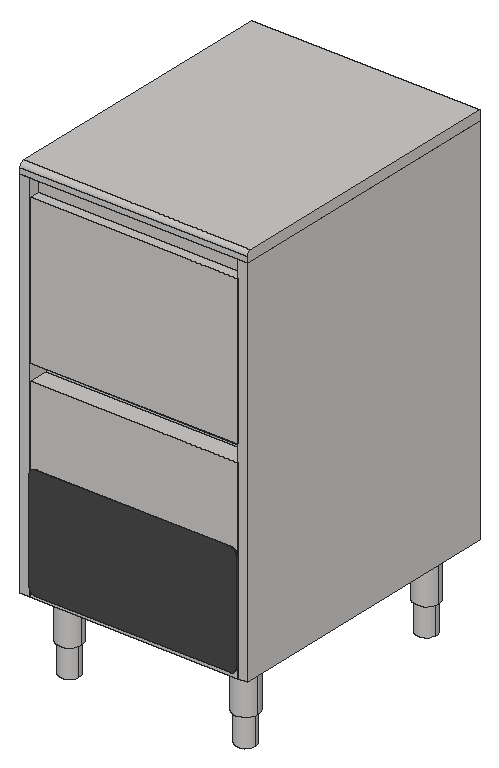
Revit family "QF_ELECTROLUXPROFESSIONAL_730326_ICC37I20SNP", category Attrezzature speciali, Revit 2018
Family settings
  Quota connettore circolare = Usa diametro
  Tipo di parte = Normale
  Basato su piano di lavoro = No
  Sempre verticale = Sì
  Taglio con vuoti quando caricato = No
  Condiviso = No
  Punto di calcolo locali = No
Parameters (values of type "Standard")
  Weight = 45.00 kg
  Watts = 0 W
  Volts = 220 V
  URL Manufacturer = "https://www.electroluxprofessional.com/"
  URL = "https://www.electroluxprofessional.com/"
  Steam Supply Size = 0 mm
  Steam Supply Minimum Pressure = 0.0 Pa
  Steam Supply Maximum Pressure = 0.0 Pa
  Steam Pounds per Hour = 0
  Show Logo [instance] = yes
  Show Clearance [instance] = yes
  Refrigeration Suction Line Size = 0 mm
  Refrigeration Liquid Line Size = 0 mm
  Refrigerant Compressor Remote = yes
  Produttore = "Electrolux Professional"
  Phase = 1
  Modello = "ICC37I20SNP"
  Length Actual = 465 mm  # constant formula
  Item Number = "730326"
  Hot Water Size = 0 mm
  Height Actual = 894 mm  # constant formula
  HP = "0 HP"
  Gas Size = 0 mm
  Gas KW = 0
  Gas Input Pressure = 0 W
  Description = "AIR COOLED ICE CUBER 40GR 37KG/24H-BIN 20KG "
  Depth Actual = 595 mm  # constant formula
  Cycle = 50 Hz
  Condensate Return Size = 0 mm
  Compressed Air Volume = 0.0 L/s
  Compressed Air Size = 0 mm
  Compressed Air Pressure = 0.0 Pa
  Cold Water Size = 19.05 mm
  Accessory = yes
Reference planes
  plane 1 "Center X": y = 272.851
  plane 2: z = 0
  plane 3 "Center Y": x = -501.5
  plane 4 "LEFT": x = -734
  plane 5 "RIGHT": x = -269
  plane 6 "FRONT": y = -24.149
  plane 7 "BACK": y = 569.851
  plane 8: z = 155
  plane 9: z = 944
  plane 10: z = 924
  plane 11: x = -714
  plane 12: x = -289
  plane 13: y = 15.851
Forms (mm)
  Extrusion 1, solid, material "QF_Finishes_Black"
    sketch origin (-217.296, -24.149, 371.513) x (-1, 0, 0) y (0, 0, -1)
      loop
        arc (481.704, -21.487) -> (492.311, -17.093) -> (496.704, -6.487) r 15
        line (496.704, -6.487) -> (496.704, 194.469)
        arc (496.704, 194.469) -> (492.311, 205.075) -> (481.704, 209.469) r 15
        line (481.704, 209.469) -> (86.704, 209.469)
        arc (86.704, 209.469) -> (76.097, 205.075) -> (71.704, 194.469) r 15
        line (71.704, 194.469) -> (71.704, -6.487)
        arc (71.704, -6.487) -> (76.097, -17.093) -> (86.704, -21.487) r 15
        line (86.704, -21.487) -> (481.704, -21.487)
    from 0 to 2
  Extrusion 2, solid, material "QF_Finishes_Stainless Steel"
    sketch origin (-501.5, 0, 0) x (0, 1, 0) y (0, 0, 1)
      loop
        line (569.851, 924) -> (569.851, 944) -> (-14.149, 944)
        arc (-14.149, 944) -> (-21.22, 941.071) -> (-24.149, 934) r 10
        line (-24.149, 934) -> (-24.149, 924) -> (569.851, 924)
    from -232.5 to 232.5
  Extrusion 3, solid, material "QF_Finishes_Stainless Steel"
    sketch origin (-321.2, 569.851, -329.545) x (1, 0, 0) y (0, 0, -1)
      loop
        circle (-16.8, -655.545) r 10
    from 0 to 10
  Extrusion 4, solid, material "QF_Finishes_Stainless Steel"
    sketch origin (0, 0, 0) x (1, 0, 0) y (0, 1, 0)
      loop
        line (-734, 569.851) -> (-734, -24.149) -> (-714, -24.149) -> (-714, 569.851) -> (-734, 569.851)
    from 155 to 924
  Extrusion 5, solid, material "QF_Finishes_Stainless Steel"
    sketch origin (0, 0, 0) x (1, 0, 0) y (0, 1, 0)
      loop
        line (-289, 569.851) -> (-289, -24.149) -> (-269, -24.149) -> (-269, 569.851) -> (-289, 569.851)
    from 155 to 924
  Extrusion 6, solid, material "QF_Finishes_Stainless Steel"
    sketch origin (0, 0, 0) x (1, 0, 0) y (0, 1, 0)
      loop
        line (-714, 569.851) -> (-714, 15.851) -> (-289, 15.851) -> (-289, 569.851) -> (-714, 569.851)
    from 155 to 924
  Extrusion 7, solid, material "QF_Finishes_Stainless Steel"
    sketch origin (0, 0, 0) x (1, 0, 0) y (0, 1, 0)
      loop
        line (-714, -24.149) -> (-289, -24.149) -> (-289, 15.851) -> (-714, 15.851) -> (-714, -24.149)
    from 155 to 550.848
  Extrusion 8, solid, material "QF_Finishes_Stainless Steel"
    sketch origin (-501.5, 0, 0) x (0, 1, 0) y (0, 0, 1)
      loop
        line (15.851, 924) -> (-4.149, 924) -> (-4.149, 888) -> (-24.149, 888) -> (-24.149, 584.768) -> (-4.149, 584.768) -> (-4.149, 569) -> (15.851, 569) -> (15.851, 924)
    from -212.5 to 212.5
  Extrusion 9, solid, material "QF_Finishes_Stainless Steel"
    sketch origin (-303.2, 569.851, -440.545) x (1, 0, 0) y (0, 0, -1)
      loop
        circle (-16.8, -655.545) r 10
    from 0 to 10
  Extrusion 10, solid, material "QF_Finishes_Stainless Steel"
    sketch origin (-363.2, 569.851, -361.545) x (1, 0, 0) y (0, 0, -1)
      loop
        circle (-16.8, -655.545) r 10
    from 0 to 10
Lines and regions (mm)
  Split face 1
    outline origin (-501.5, -4.149, 924) x (0, 0, -1) y (1, 0, 0)
      loop
        line (5.715, 89.928) -> (30.715, 89.928) -> (30.715, 129.928) -> (5.715, 129.928) -> (5.715, 89.928)
  symbolic lines
    curve 1: line (-734, 569.851, 0) -> (-269, 569.851, 0)
    curve 2: line (-734, -24.149, 0) -> (-734, 569.851, 0)
    curve 3: line (-269, -24.149, 0) -> (-734, -24.149, 0)
    curve 4: line (-269, 569.851, 0) -> (-269, -24.149, 0)
Dimensions and locks
  equal spacing: plane 4 "LEFT", plane 3 "Center Y", plane 5 "RIGHT"
  plane 4 "LEFT" to plane 5 "RIGHT" = 465 mm
  equal spacing: plane 7 "BACK", plane 1 "Center X", plane 6 "FRONT"
  plane 7 "BACK" to plane 6 "FRONT" = 594 mm
  plane 8 to plane 2 = 155 mm
  plane 9 to plane 8 = 789 mm
  locked: plane 4 "LEFT" to plane 11 at 20
  locked: plane 12 to plane 5 "RIGHT" at 20
  locked: plane 9 to plane 10 at 20
  locked: plane 13 to plane 6 "FRONT" at 40
  aligned and locked: level to plane 2
  aligned and locked: plane 5 "RIGHT" to Extrusion 2
  aligned and locked: Extrusion 2 to plane 4 "LEFT"
  aligned and locked: Extrusion 4 sketch curve to Extrusion 2  (x2)
  aligned and locked: plane 6 "FRONT" to Extrusion 4 sketch curve
  aligned and locked: Extrusion 4 sketch curve to plane 11
  aligned and locked: Extrusion 5 sketch curve to plane 7 "BACK"
  aligned and locked: plane 12 to Extrusion 5 sketch curve
  aligned and locked: Extrusion 5 sketch curve to Extrusion 2  (x2)
  aligned and locked: plane 10 to Extrusion 4
  aligned and locked: plane 10 to Extrusion 5
  aligned and locked: Extrusion 4 to plane 8
  aligned and locked: Extrusion 5 to plane 8
  aligned and locked: Extrusion 6 sketch curve to Extrusion 4
  aligned and locked: Extrusion 4 to Extrusion 6 sketch curve
  aligned and locked: plane 13 to Extrusion 6 sketch curve
  aligned and locked: Extrusion 6 sketch curve to plane 12
  aligned and locked: plane 10 to Extrusion 6
  aligned and locked: Extrusion 6 to plane 8
  aligned and locked: Extrusion 4 to Extrusion 7 sketch curve
  aligned and locked: Extrusion 7 sketch curve to Extrusion 4
  aligned and locked: plane 13 to Extrusion 7 sketch curve
  aligned and locked: plane 12 to Extrusion 7 sketch curve
  aligned and locked: Extrusion 7 to plane 8
  aligned and locked: plane 12 to Extrusion 8
  aligned and locked: Extrusion 8 to plane 11
Automatic sketch dimensions
  curve 3 to plane 4 "LEFT" = 0 mm
  curve 3 to plane 5 "RIGHT" = 0 mm
  curve 3 to plane 6 "FRONT" = 0 mm
  curve 2 to plane 7 "BACK" = 0 mm
  Extrusion 1 sketch curve to plane 12 = 0 mm
  plane 8 to Extrusion 1 sketch curve = 7.044 mm
  Extrusion 1 sketch curve to Extrusion 1 sketch curve = 15 mm  (x3)
  plane 11 to Extrusion 1 sketch curve = 15 mm  (x2)
  Extrusion 1 sketch curve to Extrusion 1 sketch curve = 200.956 mm
  Extrusion 2 sketch curve to plane 6 "FRONT" = 0 mm
  Extrusion 2 sketch curve to plane 9 = 0 mm
  Extrusion 2 sketch curve to plane 7 "BACK" = 0 mm
  Extrusion 2 sketch curve to plane 10 = 0 mm
  plane 6 "FRONT" to Extrusion 2 sketch curve = 10 mm
  Extrusion 6 to Extrusion 3 sketch curve = 171 mm
  Extrusion 3 sketch curve to Extrusion 6 = 49 mm
  Extrusion 8 sketch curve to plane 6 "FRONT" = 0 mm
  Extrusion 8 sketch curve to plane 10 = 0 mm
  Extrusion 8 sketch curve to plane 13 = 0 mm
  plane 6 "FRONT" to Extrusion 8 sketch curve = 20 mm  (x2)
  Extrusion 8 sketch curve to plane 10 = 36 mm
  Extrusion 8 sketch curve to Extrusion 8 sketch curve = 303.232 mm
  Extrusion 8 sketch curve to Extrusion 8 sketch curve = 15.768 mm
  Split face 1 sketch curve to Extrusion 8 = 5.715 mm
  Extrusion 8 to Split face 1 sketch curve = 5.285 mm
  Split face 1 sketch curve to Extrusion 8 = 122.572 mm
  Split face 1 sketch curve to Split face 1 sketch curve = 40 mm
  Extrusion 9 sketch curve to Extrusion 6 = 31 mm
  Extrusion 6 to Extrusion 9 sketch curve = 60 mm
  Extrusion 10 sketch curve to Extrusion 6 = 91 mm
  Extrusion 6 to Extrusion 10 sketch curve = 139 mm
  radius of Extrusion 3 sketch curve = 10 mm
  radius of Extrusion 9 sketch curve = 10 mm
  radius of Extrusion 10 sketch curve = 10 mm
Nested families
  nested 1: "Foot_Complete" at (-682, 36.851, 0), type "Foot_Complete"
    with H 155 mm
  nested 2: "Foot_Complete" at (-321, 36.851, 0) x (-1, 0, 0) z (0, 0, 1), type "Foot_Complete"
    with H 155 mm
  nested 3: "Foot_Complete" at (-682, 498.851, 0), type "Foot_Complete"
    with H 155 mm
  nested 4: "Foot_Complete" at (-321, 498.851, 0) x (-1, 0, 0) z (0, 0, 1), type "Foot_Complete"
    with H 155 mm
Connectors
  electrical at (-320, 579.851, 215), driven by "Volts"
    settings: on Extrusion 9, index 1, voltage 220 V, apparent load 0 VA, apparent load phase1 0 VA, apparent load phase2 0 VA, apparent load phase3 0 VA, power factor 1, load classification "Altro", number of poles 1, system type 30, power factor state 1, is connector primary yes, connector utility no, sub classification motor no, connector description "Electrical Connection"
  piping at (-338, 579.851, 326), diameter 20
    settings: on Extrusion 3, index 2, connector inside diameter 609.6 mm, connector length 0 mm, flow factor 0, pipe flow 0.0 L/s, pressure drop 0.0 Pa, fitting loss kfactor 0, connector angle 0.00°, fixture units 0, engagement length 0 mm, angle of deflection 0.00°, flow configuration 0, flow direction 0, fitting loss method 0, system type 20, joint type 0, gender type 0, connector reference index -1, connector utility 0, adjustable connector no, is connector primary yes, connector description "Cold water"
  piping at (-380, 579.851, 294), diameter 20
    settings: on Extrusion 10, index 3, connector inside diameter 609.6 mm, connector length 0 mm, flow factor 0, pipe flow 0.0 L/s, pressure drop 0.0 Pa, fitting loss kfactor 0, connector angle 0.00°, fixture units 0, engagement length 0 mm, angle of deflection 0.00°, flow configuration 0, flow direction 0, fitting loss method 0, system type 16, joint type 0, gender type 0, connector reference index -1, connector utility 0, adjustable connector no, is connector primary no, connector description "Drain"
Definition of nested family "Foot_Complete"
  Parameters (values of type "Foot_Complete")
    R = 25 mm
    H = 153 mm
  Reference planes
    plane 1 "Centro (Fronte/Retro)": y = 0
    plane 2: z = 0
    plane 3 "Centro (Sinistra/Destra)": x = 0
    plane 4: z = 153
  Forms (mm)
    Revolve 1, solid
      sketch origin (255.05, 0, 608.09) x (0, 0, 1) y (-1, 0, 0)
        loop
          line (-608.09, 255.05) -> (-608.09, 235.05) -> (-548.09, 235.05) -> (-548.09, 230.05) -> (-455.09, 230.05) -> (-455.09, 255.05) -> (-608.09, 255.05)
        axis (-608.09, 255.05) -> (-455.09, 255.05)
      angle from 0 to 360
  Dimensions and locks
    level to Revolve 1 sketch curve = 60 mm
    "R": Revolve 1 sketch curve to plane 3 "Centro (Sinistra/Destra)"
    "H": plane 4 to level
    aligned and locked: level to plane 2
    aligned and locked: plane 4 to Revolve 1 sketch curve
    aligned and locked: Revolve 1 sketch curve to level
    aligned and locked: plane 3 "Centro (Sinistra/Destra)" to Revolve 1 sketch curve
  Automatic sketch dimensions
    Revolve 1 sketch curve to plane 3 "Centro (Sinistra/Destra)" = 0 mm
    plane 3 "Centro (Sinistra/Destra)" to Revolve 1 sketch curve = 20 mm
    Revolve 1 sketch curve to Revolve 1 sketch curve = 50 mm
    Revolve 1 sketch curve to Revolve 1 sketch curve = 20 mm
